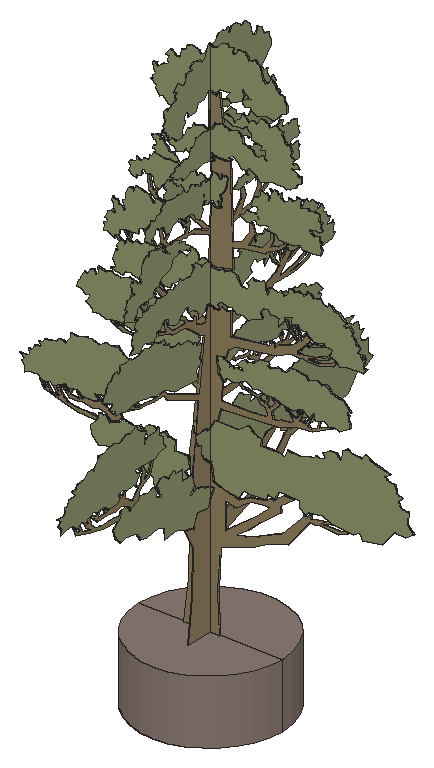
Revit family "L-PL상록교목_섬잣나무", category 수목, Revit 2019 (continued)
Definition of nested family "섬잣나무_base"
  Forms (mm)
    Extrusion 4, solid, detail levels fine
      sketch origin (-3.628, -16.167, 0) x (0, 1, 0) y (0, 0, 1)
        loop
          line (300.429, 2158.583) -> (275.037, 2144.079) -> (232.958, 2102.74) -> (274.312, 2091.137) -> (287.37, 2066.479) -> (255.449, 2069.38) -> (228.605, 2073.006) -> (202.487, 2061.402) -> (204.664, 2077.357) -> (173.468, 2067.204) -> (169.84, 2087.511) -> (125.585, 2099.114) -> (113.251, 2117.97) -> (69.722, 2100.565) -> (79.879, 2059.227) -> (72.624, 2048.348) -> (90.761, 2008.46) -> (84.957, 1985.253) -> (132.201, 1936.846) -> (133.36, 1965.808) -> (213.322, 1958.857) -> (307.192, 2001.72) -> (341.958, 1987.818) -> (361.659, 1965.808) -> (409.173, 1979.709) -> (470.594, 1958.857) -> (554.033, 1958.857) -> (598.071, 1943.797) -> (632.837, 1931.054) -> (709.323, 1915.994) -> (767.267, 1951.906) -> (795.081, 1946.114) -> (846.071, 1909.043) -> (881.997, 1954.223) -> (899.38, 1909.043) -> (963.118, 1928.737) -> (986.296, 1917.152) -> (1003.679, 1902.092) -> (1056.988, 1911.36) -> (1101.025, 1896.3) -> (1186.782, 1947.272) -> (1184.465, 1976.234) -> (1171.717, 2010.987) -> (1178.67, 2042.266) -> (1148.539, 2061.96) -> (1193.736, 2073.544) -> (1133.474, 2144.21) -> (1095.231, 2147.686) -> (1026.857, 2163.904) -> (1009.474, 2192.866) -> (981.66, 2206.767) -> (944.576, 2194.024) -> (906.333, 2211.401) -> (836.8, 2190.549) -> (813.623, 2221.827) -> (766.109, 2221.827) -> (726.707, 2235.729) -> (695.919, 2228.261) -> (676.33, 2228.261) -> (677.781, 2209.405) -> (651.663, 2184.022) -> (613.843, 2186.867) -> (594.981, 2194.12) -> (571.039, 2197.746) -> (518.804, 2172.363) -> (494.862, 2181.066) -> (504.294, 2193.395) -> (488.333, 2209.35) -> (431.744, 2207.899) -> (399.097, 2183.966) -> (382.41, 2158.583) -> (363.547, 2163.66) -> (324.371, 2148.43) -> (300.429, 2158.583)
        loop
          line (-302.228, 2298.993) -> (-317.371, 2326.115) -> (-372.854, 2315.587) -> (-413.217, 2338.643) -> (-423.308, 2363.862) -> (-452.86, 2363.141) -> (-486.016, 2388.359) -> (-456.464, 2385.477) -> (-476.646, 2421.503) -> (-515.568, 2412.136) -> (-566.023, 2435.913) -> (-621.834, 2424.258) -> (-677.099, 2441.522) -> (-733.58, 2417.051) -> (-805.03, 2416.329) -> (-833.899, 2435.087) -> (-869.263, 2419.937) -> (-942.879, 2431.48) -> (-936.383, 2395.407) -> (-942.157, 2366.549) -> (-962.365, 2368.713) -> (-973.912, 2400.457) -> (-1008.555, 2385.307) -> (-1033.093, 2346.348) -> (-1056.91, 2352.12) -> (-1084.336, 2302.339) -> (-1085.057, 2279.253) -> (-1107.431, 2272.038) -> (-1121.143, 2222.258) -> (-1087.944, 2217.207) -> (-1050.415, 2186.185) -> (-1016.494, 2192.678) -> (-1020.824, 2162.377) -> (-1045.363, 2136.404) -> (-1022.989, 2123.418) -> (-987.625, 2097.445) -> (-984.017, 2070.752) -> (-931.331, 2072.916) -> (-876.48, 2054.88) -> (-814.413, 2075.08) -> (-755.953, 2078.688) -> (-701.103, 2067.144) -> (-656.213, 2052.181) -> (-600.686, 2052.812) -> (-554.624, 2035.781) -> (-469.441, 2037.673) -> (-367.852, 1979.013) -> (-264.371, 1975.859) -> (-125.554, 1961.983) -> (-141.957, 2037.86) -> (-74.442, 2088.32) -> (-95.264, 2100.304) -> (-108.515, 2117.966) -> (-87.061, 2169.688) -> (-89.585, 2224.563) -> (-133.123, 2222.04) -> (-144.481, 2251.686) -> (-189.912, 2251.686) -> (-189.912, 2272.501) -> (-213.89, 2298.993) -> (-253.642, 2298.993) -> (-302.228, 2298.993)
        loop
          line (52.176, 1610.503) -> (-0.542, 1516.396) -> (-34.433, 1548.393) -> (-137.988, 1542.746) -> (-122.926, 1465.579) -> (-75.855, 1454.286) -> (-83.387, 1380.883) -> (-45.73, 1331.947) -> (27.7, 1273.601) -> (42.762, 1153.144) -> (127.489, 1119.266) -> (244.224, 1094.798) -> (293.178, 1166.319) -> (328.951, 1155.026) -> (479.577, 1166.319) -> (494.639, 1205.844) -> (553.007, 1196.433) -> (588.781, 1260.426) -> (669.742, 1260.426) -> (758.234, 1252.897) -> (760.117, 1202.08) -> (812.836, 1168.201) -> (839.196, 1192.669) -> (954.048, 1209.608) -> (1033.126, 1179.494) -> (1083.962, 1173.848) -> (1168.689, 1160.673) -> (1221.408, 1158.79) -> (1268.479, 1194.551) -> (1292.956, 1141.851) -> (1462.409, 1166.319) -> (1565.965, 1299.951) -> (1654.457, 1288.658) -> (1727.887, 1335.711) -> (1671.403, 1392.175) -> (1678.934, 1491.929) -> (1661.989, 1484.4) -> (1613.035, 1501.339) -> (1594.207, 1538.982) -> (1631.863, 1576.625) -> (1579.144, 1595.446) -> (1579.144, 1616.15) -> (1567.847, 1661.321) -> (1511.363, 1661.321) -> (1477.472, 1691.435) -> (1530.191, 1719.667) -> (1422.87, 1747.899) -> (1379.565, 1757.31) -> (1319.315, 1800.599) -> (1289.19, 1761.074) -> (1196.932, 1761.074) -> (1165.757, 1786.38) -> (1123.213, 1761.572) -> (1123.213, 1729.675) -> (1107.85, 1688.328) -> (1071.215, 1723.768) -> (1019.216, 1723.768) -> (977.854, 1695.416) -> (953.97, 1687.769) -> (978.385, 1646.353) -> (930.296, 1629.343) -> (899.222, 1641.176) -> (888.125, 1624.906) -> (848.61, 1616.15) -> (756.352, 1591.682) -> (660.328, 1601.093) -> (633.968, 1533.336) -> (590.663, 1559.686) -> (519.116, 1559.686) -> (432.506, 1554.039) -> (440.038, 1601.093) -> (387.319, 1625.56) -> (325.186, 1666.967) -> (246.107, 1610.503) -> (163.263, 1610.503) -> (52.176, 1610.503)
        loop
          line (-666.883, 1812.178) -> (-717.172, 1833.221) -> (-756.883, 1864.619) -> (-770.969, 1891.676) -> (-827.106, 1862.449) -> (-871.548, 1875.308) -> (-935.871, 1841.405) -> (-997.855, 1863.618) -> (-1058.67, 1855.434) -> (-1112.467, 1839.067) -> (-1117.145, 1840.236) -> (-1172.113, 1844.912) -> (-1174.452, 1813.347) -> (-1215.385, 1758.4) -> (-1234.097, 1768.921) -> (-1269.182, 1768.921) -> (-1310.115, 1737.356) -> (-1340.523, 1730.342) -> (-1395.49, 1723.327) -> (-1400.168, 1696.438) -> (-1441.101, 1690.593) -> (-1406.015, 1649.674) -> (-1445.779, 1650.844) -> (-1480.864, 1648.505) -> (-1491.39, 1606.418) -> (-1524.136, 1612.264) -> (-1517.119, 1571.345) -> (-1541.679, 1550.302) -> (-1602.494, 1551.471) -> (-1558.052, 1522.244) -> (-1589.629, 1495.355) -> (-1560.391, 1459.113) -> (-1563.9, 1417.026) -> (-1520.628, 1436.9) -> (-1484.373, 1434.562) -> (-1450.457, 1438.069) -> (-1421.219, 1412.349) -> (-1387.303, 1400.659) -> (-1348.709, 1425.209) -> (-1322.98, 1402.997) -> (-1252.809, 1429.886) -> (-1223.571, 1449.76) -> (-1193.164, 1425.209) -> (-1113.637, 1439.238) -> (-1065.687, 1402.997) -> (-970.956, 1400.659) -> (-940.549, 1422.871) -> (-966.278, 1461.451) -> (-919.498, 1473.142) -> (-856.344, 1455.606) -> (-779.156, 1463.789) -> (-732.376, 1531.596) -> (-768.63, 1539.78) -> (-782.665, 1566.669) -> (-690.273, 1572.515) -> (-575.661, 1564.331) -> (-530.05, 1587.713) -> (-459.879, 1604.08) -> (-494.964, 1642.66) -> (-493.795, 1696.438) -> (-528.88, 1724.496) -> (-534.728, 1785.289) -> (-562.796, 1760.738) -> (-643.493, 1759.569) -> (-696.121, 1728.003) -> (-696.121, 1777.105) -> (-666.883, 1812.178)
        loop
          line (-644.119, 1327.333) -> (-666.95, 1338.744) -> (-729.735, 1353.959) -> (-752.566, 1323.529) -> (-843.89, 1285.491) -> (-878.136, 1331.136) -> (-939.019, 1325.431) -> (-942.824, 1272.178) -> (-1007.512, 1213.219) -> (-992.291, 1144.752) -> (-937.116, 1085.793) -> (-881.942, 1102.91) -> (-769.69, 1083.891) -> (-727.833, 1021.129) -> (-663.145, 1005.914) -> (-529.965, 1021.129) -> (-470.985, 998.306) -> (-465.277, 903.212) -> (-332.097, 920.329) -> (-252.189, 887.997) -> (-177.988, 870.88) -> (-149.45, 907.016) -> (-128.521, 964.073) -> (-16.269, 946.956) -> (37.003, 1097.205) -> (-1.049, 1095.303) -> (-61.931, 1125.733) -> (-130.424, 1144.752) -> (-183.696, 1112.42) -> (-206.527, 1133.34) -> (-166.573, 1178.986) -> (-185.599, 1266.472) -> (-292.143, 1264.57) -> (-286.435, 1350.903) -> (-352.172, 1350.903) -> (-372.051, 1382.487) -> (-423.421, 1350.155) -> (-478.595, 1384.389) -> (-512.842, 1384.389) -> (-554.698, 1344.45) -> (-522.355, 1300.706) -> (-516.647, 1241.748) -> (-560.406, 1272.178) -> (-552.796, 1302.608) -> (-587.042, 1352.057) -> (-644.119, 1327.333)
      from 0 to 5
    Extrusion 5, solid, detail levels fine
      sketch origin (-3.628, -16.167, 0) x (0, 1, 0) y (0, 0, 1)
        loop
          line (88.358, 4106.537) -> (63.165, 4078.784) -> (-1.101, 4094.716) -> (6.097, 3818.728) -> (25.428, 3824.289) -> (43.889, 3864.272) -> (114.654, 3889.389) -> (88.358, 4106.537)
        loop
          line (179.909, 3506.882) -> (176.764, 3620.581) -> (142.281, 3604.048) -> (35.537, 3604.048) -> (48.629, 3580.895) -> (19.425, 3557.238) -> (21.617, 3496.076) -> (78.82, 3488.81) -> (87.59, 3460.721) -> (103.568, 3460.721) -> (103.568, 3496.132) -> (124.996, 3487.836) -> (134.155, 3498.608) -> (160.243, 3491.84) -> (163.429, 3471.136) -> (147.099, 3445.854) -> (150.485, 3421.568) -> (130.963, 3366.927) -> (98.701, 3334.28) -> (109.215, 3302.114) -> (99.123, 3266.188) -> (109.966, 3245.77) -> (61.868, 3220.227) -> (17.244, 3234.379) -> (10.112, 3060.886) -> (-1.743, 3053.57) -> (-161.32, 3117.504) -> (-231.331, 3117.504) -> (-200.652, 3185.917) -> (-220.318, 3239.39) -> (-240.34, 3237.204) -> (-227.083, 3187.586) -> (-251.131, 3199.297) -> (-272.095, 3233.198) -> (-288.743, 3249.84) -> (-288.743, 3235.663) -> (-266.237, 3188.511) -> (-239.724, 3169.095) -> (-251.747, 3123.175) -> (-429.403, 3129.293) -> (-456.533, 3154.873) -> (-430.944, 3200.176) -> (-448.209, 3200.176) -> (-466.09, 3172.747) -> (-495.092, 3197.183) -> (-502.183, 3276.387) -> (-520.502, 3274.747) -> (-510.081, 3166.624) -> (-457.155, 3113.098) -> (-447.963, 3122.187) -> (-360.186, 3121.072) -> (-316.505, 3103.369) -> (-318.463, 3095.982) -> (-256.603, 3097.149) -> (-236.095, 3089.383) -> (-222.423, 3095.285) -> (-177.369, 3095.285) -> (-166.183, 3085.345) -> (-143.189, 3075.717) -> (-6.161, 3013.906) -> (7.479, 2996.823) -> (-0.118, 2812.023) -> (22.696, 2782.701) -> (58.082, 2782.701) -> (103.245, 2799.456) -> (128.853, 2792.94) -> (151.201, 2803.18) -> (199.375, 2803.18) -> (194.637, 2974.46) -> (294.145, 2997.311) -> (473.089, 3022.316) -> (500.989, 3050.686) -> (601.045, 3100.696) -> (665.627, 3159.36) -> (636.641, 3159.36) -> (596.715, 3126.662) -> (512.534, 3087.712) -> (540.434, 3137.241) -> (540.434, 3196.868) -> (517.345, 3196.868) -> (517.345, 3148.782) -> (451.789, 3061.215) -> (334.898, 3043.904) -> (386.157, 3143.027) -> (360.907, 3214.592) -> (337.784, 3206.434) -> (339.293, 3139.233) -> (269.332, 3043.531) -> (193.373, 3020.155) -> (179.909, 3506.882)
        loop
          line (-493.466, 2757.268) -> (-451.278, 2760.605) -> (-528.673, 2845.557) -> (-568.736, 2844.95) -> (-493.466, 2757.268)
        loop
          line (-776.442, 2727.525) -> (-792.316, 2717.393) -> (-757.854, 2692.234) -> (-747.563, 2706.113) -> (-776.442, 2727.525)
        loop
          line (-691.868, 2733.812) -> (-672.528, 2727.272) -> (-652.237, 2787.272) -> (-671.268, 2787.272) -> (-680.052, 2758.979) -> (-700.547, 2783.858) -> (-714.216, 2789.318) -> (-722.995, 2783.858) -> (-691.868, 2733.812)
        loop
          line (-446.383, 2471.522) -> (-512.462, 2491.41) -> (-525.252, 2509.167) -> (-537.981, 2504.732) -> (-528.406, 2477.246) -> (-432.173, 2451.635) -> (-390.251, 2420.383) -> (-248.856, 2411.149) -> (-114.566, 2304.608) -> (-67.118, 2280.574) -> (-46.093, 2245.765) -> (-96.046, 1845.706) -> (-442.569, 1994.461) -> (-474.377, 2030.233) -> (-510.189, 2030.233) -> (-487.393, 2016.277) -> (-570.629, 2016.277) -> (-673.913, 2029.031) -> (-711.582, 2029.031) -> (-765.655, 2070.33) -> (-785.647, 2069.291) -> (-738.483, 2028.228) -> (-789.83, 2047.238) -> (-813.032, 2067.39) -> (-834.331, 2060.546) -> (-801.241, 2035.452) -> (-736.201, 2011.118) -> (-678.008, 2011.118) -> (-572.27, 1997.811) -> (-475.662, 1997.811) -> (-439.151, 1953.226) -> (-107.812, 1802.302) -> (-111.443, 1788.91) -> (-130.457, 1577.252) -> (-132.483, 1554.699) -> (-33.197, 1559.93) -> (-4.389, 1534.622) -> (48.074, 1619.893) -> (72.001, 1622.17) -> (93.81, 1720.638) -> (598.904, 1749.264) -> (632.518, 1771.869) -> (748.974, 1803.815) -> (869.955, 1817.469) -> (1042.744, 1898.147) -> (1015.665, 1896.894) -> (930.891, 1867.742) -> (935.299, 1914.181) -> (922.413, 1909.436) -> (913.936, 1856.217) -> (862.733, 1837.913) -> (830.18, 1850.794) -> (867.819, 1927.401) -> (851.179, 1906.474) -> (815.222, 1861.255) -> (758.539, 1861.255) -> (786.684, 1915.877) -> (770.746, 1946.045) -> (761.613, 1941.221) -> (775.693, 1914.569) -> (761.591, 1896.217) -> (744.297, 1932.487) -> (738.447, 1929.603) -> (756.733, 1882.38) -> (747.368, 1868.55) -> (703.31, 1873.869) -> (685.644, 1896.635) -> (654.181, 1923.909) -> (647.718, 1925.772) -> (670.931, 1897.347) -> (647.549, 1909.57) -> (641.757, 1925.867) -> (635.663, 1928.215) -> (641.748, 1905.011) -> (677.235, 1889.531) -> (686.698, 1873.622) -> (707.13, 1837.933) -> (688.825, 1818.279) -> (603.921, 1811.026) -> (569.511, 1795.15) -> (535.982, 1795.15) -> (525.852, 1847.747) -> (604.287, 1928.915) -> (587.317, 1937.051) -> (572.794, 1927.718) -> (540.289, 1953.643) -> (523.345, 1953.643) -> (561.383, 1916.311) -> (539.811, 1894.331) -> (507.785, 1872.756) -> (480.467, 1890.385) -> (499.622, 1920.069) -> (491.186, 1952.606) -> (479.084, 1952.606) -> (485.308, 1922.533) -> (466.289, 1895.57) -> (435.859, 1902.484) -> (420.99, 1923.915) -> (455.224, 1958.828) -> (441.138, 1963.61) -> (410.27, 1934.977) -> (371.828, 1935.034) -> (316.909, 1950.973) -> (284.484, 1948.62) -> (259.837, 1972.565) -> (242.826, 1965.971) -> (278.236, 1934.739) -> (318.505, 1934.739) -> (367.107, 1917.388) -> (401.822, 1917.388) -> (426.026, 1878.937) -> (472.207, 1861.181) -> (495.298, 1820.344) -> (495.298, 1796.374) -> (363.859, 1780.394) -> (244.854, 1780.394) -> (99.766, 1779.306) -> (111.327, 1934.923) -> (69.613, 1978.435) -> (70.97, 2025.14) -> (57.465, 2079.497) -> (63.891, 2108.779) -> (123.243, 2130.806) -> (136.393, 2108.069) -> (159.455, 2188.66) -> (210.727, 2225.379) -> (570.267, 2283.904) -> (687.189, 2342.882) -> (750.037, 2335.856) -> (795.933, 2344.122) -> (826.53, 2334.203) -> (923.696, 2334.203) -> (1050.632, 2373.468) -> (1072.698, 2404.871) -> (1059.302, 2413.535) -> (1042.8, 2388.018) -> (924.135, 2351.921) -> (833.892, 2351.921) -> (826.415, 2357.592) -> (916.142, 2374.087) -> (1009.504, 2413.879) -> (1021.107, 2458.984) -> (996.354, 2428.313) -> (913.063, 2392.73) -> (742.562, 2362.16) -> (742.562, 2380.669) -> (804.282, 2443.394) -> (843.187, 2443.336) -> (970.705, 2496.64) -> (966.264, 2507.263) -> (887.35, 2474.276) -> (913.195, 2495.191) -> (899.247, 2495.191) -> (844.274, 2454.181) -> (816.787, 2458.692) -> (864.562, 2508.581) -> (840.19, 2519.665) -> (827.911, 2536.287) -> (778.281, 2475.167) -> (768.979, 2485.482) -> (822.607, 2539.345) -> (815.999, 2550.27) -> (807.866, 2536.296) -> (766.692, 2501.743) -> (756.017, 2555.351) -> (743.037, 2564.688) -> (752.459, 2496.407) -> (756.525, 2466.935) -> (734.413, 2474.811) -> (707.218, 2510.635) -> (687.901, 2529.436) -> (711.793, 2563.736) -> (696.071, 2559.206) -> (677.047, 2537.733) -> (659.553, 2589.664) -> (644.19, 2584.489) -> (665.591, 2520.958) -> (743.413, 2447.054) -> (697.368, 2413.992) -> (625.383, 2382.875) -> (587.77, 2374.447) -> (546.969, 2342.034) -> (546.969, 2367.246) -> (533.295, 2375.096) -> (513.176, 2340.047) -> (182.516, 2297.04) -> (182.516, 2485.123) -> (140.685, 2473.395) -> (99.288, 2488.108) -> (87.107, 2453.835) -> (38.572, 2453.835) -> (-17.651, 2473.545) -> (-31.975, 2358.834) -> (-93.25, 2368.533) -> (-140.855, 2392.682) -> (-140.855, 2450.924) -> (-159.329, 2460.158) -> (-159.329, 2426.775) -> (-223.987, 2450.924) -> (-256.672, 2499.223) -> (-297.172, 2514.849) -> (-304.663, 2495.434) -> (-267.52, 2481.104) -> (-249.566, 2447.373) -> (-290.777, 2447.373) -> (-371.778, 2447.373) -> (-452.778, 2507.036) -> (-461.304, 2556.755) -> (-474.774, 2554.445) -> (-465.369, 2499.602) -> (-446.383, 2471.522)
        loop
          line (-138.677, 1506.979) -> (-166.073, 1299.032) -> (-162.646, 1232.6) -> (-157.571, 1134.218) -> (-132.372, 1151.406) -> (-65.076, 1136.885) -> (0.979, 1101.244) -> (45.642, 1105.817) -> (-11.068, 939.035) -> (-125.639, 956.111) -> (-142.721, 909.298) -> (-151.47, 893.002) -> (-149.256, 802.345) -> (-177.805, 862.697) -> (-256.432, 879.54) -> (-164.81, 705.938) -> (-173.819, 344.074) -> (-215.785, 0) -> (84.215, 0) -> (69.545, 328.016) -> (90.257, 665.101) -> (389.776, 777.83) -> (499.429, 835.42) -> (667.88, 887.943) -> (847.702, 1116.142) -> (849.062, 1122.659) -> (886.092, 1114.931) -> (936.112, 1128.681) -> (1093.049, 1115.556) -> (1178.708, 1155.557) -> (1146.821, 1155.557) -> (1093.675, 1141.807) -> (951.743, 1149.307) -> (1033.025, 1169.932) -> (1003.013, 1181.808) -> (855.235, 1152.235) -> (862.768, 1188.328) -> (819.129, 1156.649) -> (793.154, 1156.649) -> (785.881, 1135.357) -> (617.04, 958.269) -> (355.536, 840.643) -> (230.334, 808.964) -> (334.292, 883.645) -> (429.973, 971.807) -> (603.864, 1110.702) -> (598.726, 1159.45) -> (715.4, 1246.924) -> (629.261, 1246.924) -> (569.558, 1204.749) -> (557.578, 1182.36) -> (507.575, 1182.36) -> (484.136, 1156.326) -> (347.148, 1134.978) -> (257.947, 1088.937) -> (123.677, 1112.171) -> (29.746, 1153.317) -> (19.719, 1268.843) -> (-54.772, 1331.844) -> (-92.239, 1383.541) -> (-85.379, 1447.37) -> (-130.234, 1460.03) -> (-138.677, 1506.979)
        loop
          line (133.653, 1035.568) -> (132.819, 811.253) -> (384.743, 997.209) -> (515.71, 1117.289) -> (462.322, 1117.289) -> (357.362, 1103.737) -> (273.677, 1056.386) -> (230.347, 1018.939) -> (133.653, 1035.568)
        loop
          line (-988.382, 1345.804) -> (-934.003, 1362.36) -> (-876.336, 1344.855) -> (-830.444, 1301.092) -> (-760.097, 1330.972) -> (-740.774, 1355.72) -> (-746.397, 1381.566) -> (-709.717, 1415.177) -> (-631.263, 1457.445) -> (-592.036, 1560.824) -> (-607.829, 1560.824) -> (-643.49, 1476.287) -> (-688.893, 1446.14) -> (-688.893, 1473.376) -> (-666.057, 1513.993) -> (-699.269, 1562.899) -> (-722.856, 1561.809) -> (-699.513, 1521.735) -> (-716.585, 1478.944) -> (-716.585, 1446.32) -> (-738.765, 1428.899) -> (-776.138, 1459.681) -> (-787.022, 1457.599) -> (-747.655, 1417.297) -> (-778.2, 1388.733) -> (-794.799, 1365.543) -> (-809.866, 1353.571) -> (-892.077, 1410.577) -> (-894.126, 1436.77) -> (-881.821, 1455.098) -> (-895.214, 1459.603) -> (-905.261, 1442.027) -> (-908.066, 1417.13) -> (-940.982, 1459.185) -> (-954.415, 1456.598) -> (-930.27, 1421.803) -> (-967.812, 1395.751) -> (-1066.225, 1398.13) -> (-1075.299, 1385.933) -> (-1113.999, 1431.003) -> (-1125.491, 1427.207) -> (-1093.036, 1380.242) -> (-1167.912, 1379.447) -> (-1173.48, 1385.973) -> (-1154.472, 1427.236) -> (-1169.601, 1424.9) -> (-1191.69, 1396.662) -> (-1237.965, 1432.86) -> (-1250.64, 1423.864) -> (-1179.489, 1354.2) -> (-1109.8, 1354.2) -> (-1071.288, 1359.244) -> (-988.382, 1345.804)
        loop
          line (-1131.243, 1301.587) -> (-1196.119, 1314.922) -> (-1247.782, 1357.452) -> (-1266.322, 1419.615) -> (-1280.299, 1414.26) -> (-1270.878, 1371.426) -> (-1303.742, 1402.755) -> (-1314.639, 1398.767) -> (-1300.963, 1361.401) -> (-1240.184, 1323.124) -> (-1338.343, 1345.908) -> (-1368.931, 1403.722) -> (-1381.496, 1395.729) -> (-1369.34, 1364.439) -> (-1395.475, 1364.439) -> (-1411.582, 1397.855) -> (-1434.678, 1412.437) -> (-1405.2, 1350.161) -> (-1248.086, 1304.289) -> (-1112.114, 1274.544) -> (-958.255, 1266.779) -> (-948.752, 1276.636) -> (-946.856, 1293.422) -> (-991.884, 1300.197) -> (-996.972, 1300.197) -> (-1045.959, 1301.587) -> (-1131.243, 1301.587)
      from 0 to 5
  Lines and regions (mm)
    symbolic lines
      curve 1: line (174.823, -27.543, 0) -> (528.608, -74.345, 0)
      curve 2: line (168.851, -56.34, 0) -> (510.959, -157.91, 0)
      curve 3: line (182.748, 59.436, 0) -> (519.219, 178.351, 0)
      curve 4: line (192.859, 9.364, 0) -> (548.643, 37.142, 0)
      curve 5: line (189.666, -41.618, 0) -> (540.517, -106.871, 0)
      curve 6: line (-175.377, -94.247, 0) -> (-489.104, -264.334, 0)
      curve 7: line (-187.472, -67.44, 0) -> (-523.944, -186.355, 0)
      curve 8: line (-197.583, -17.368, 0) -> (-553.368, -45.146, 0)
      curve 9: line (-194.391, 33.614, 0) -> (-545.241, 98.867, 0)
      curve 10: line (-178.112, 82.033, 0) -> (-500.119, 235.869, 0)
      curve 11: line (-116.503, -158.985, 0) -> (-318.818, -452.962, 0)
      curve 12: line (-139.45, -140.591, 0) -> (-385.262, -399.299, 0)
      curve 13: line (-130.953, -151.496, 0) -> (-362.889, -422.715, 0)
      curve 14: line (-159.237, -118.833, 0) -> (-442.494, -335.903, 0)
      curve 15: line (-164.746, -113.188, 0) -> (-458.975, -315.136, 0)
      curve 16: line (-149.856, 124.589, 0) -> (-421.075, 356.525, 0)
      curve 17: line (-111.548, 158.381, 0) -> (-313.497, 452.611, 0)
      curve 18: line (126.229, 143.492, 0) -> (358.164, 414.711, 0)
      curve 19: line (-15.729, 191.219, 0) -> (-43.506, 547.003, 0)
      curve 20: line (83.673, 171.748, 0) -> (237.509, 493.755, 0)
      curve 21: line (-65.8, 181.108, 0) -> (-184.715, 517.58, 0)
      curve 22: line (158.448, -83.849, 0) -> (480.455, -237.685, 0)
      curve 23: line (143.869, -109.391, 0) -> (437.847, -311.706, 0)
      curve 24: line (145.132, -132.593, 0) -> (416.351, -364.529, 0)
      curve 25: line (160.021, 105.184, 0) -> (454.251, 307.132, 0)
      curve 26: line (52.324, -180.36, 0) -> (171.239, -516.832, 0)
      curve 27: line (23.955, -188.113, 0) -> (88.77, -539.044, 0)
      curve 28: line (61.076, -189.112, 0) -> (179.99, -525.583, 0)
      curve 29: line (-5.278, -191.332, 0) -> (3.841, -548.082, 0)
      curve 30: line (-34.655, -189.939, 0) -> (-81.456, -543.723, 0)
      curve 31: line (-63.452, -183.967, 0) -> (-165.021, -526.074, 0)
      curve 32: line (11.004, -199.223, 0) -> (38.782, -555.007, 0)
      curve 33: line (-39.978, -196.031, 0) -> (-105.231, -546.881, 0)
      curve 34: line (-90.96, -173.563, 0) -> (-244.797, -495.57, 0)
      curve 35: line (-88.397, -179.752, 0) -> (-242.233, -501.759, 0)
      curve 36: line (103.717, -152.125, 0) -> (320.787, -435.382, 0)
      curve 37: line (79.132, -168.265, 0) -> (249.218, -481.992, 0)
      curve 38: line (106.824, -166.385, 0) -> (308.772, -460.615, 0)
      curve 39: line (125.475, -132.338, 0) -> (384.184, -378.151, 0)
      curve 40: line (574.006, -1275.335, 0) -> (405.402, -904.755, 0)
      curve 41: line (405.402, -904.755, 0) -> (574.006, -1275.335, 0)
      curve 42: line (482.356, -865.789, 0) -> (682.616, -1220.263, 0)
      curve 43: line (425.549, 887.357, 0) -> (601.053, 1254.718, 0)
      curve 44: line (-951.099, -282.437, 0) -> (-1341.537, -397.825, 0)
      curve 45: line (-960.238, -249.157, 0) -> (-1354.466, -350.849, 0)
      curve 46: line (-977.96, -164.74, 0) -> (-1379.55, -231.686, 0)
      curve 47: line (-954.485, 262.625, 0) -> (-1346.742, 371.672, 0)
      curve 48: line (-991.05, 7.113, 0) -> (-1398.165, 10.92, 0)
      curve 49: line (-986.32, 93.24, 0) -> (-1391.553, 132.515, 0)
      curve 50: line (-855.558, -503.687, 0) -> (-1206.484, -710.103, 0)
      curve 51: line (-818.623, -561.986, 0) -> (-1154.295, -792.378, 0)
      curve 52: line (-864.149, -488.72, 0) -> (-1218.623, -688.981, 0)
      curve 53: line (-999.895, -980.432, 0) -> (-709.33, -695.251, 0)
      curve 54: line (-709.33, -695.251, 0) -> (-999.895, -980.432, 0)
      curve 55: line (-788.302, -603.941, 0) -> (-1111.456, -851.585, 0)
      curve 56: line (-766.886, -631.004, 0) -> (-1081.2, -889.776, 0)
      curve 57: line (-619.818, -776.256, 0) -> (-873.462, -1094.723, 0)
      curve 58: line (-302.056, -946.24, 0) -> (-424.725, -1334.452, 0)
      curve 59: line (-414.652, -902.693, 0) -> (-583.718, -1273.062, 0)
      curve 60: line (-268.99, -956.125, 0) -> (-378.036, -1348.382, 0)
      curve 61: line (-350.958, -929.264, 0) -> (-493.777, -1310.524, 0)
      curve 62: line (-430.273, -895.361, 0) -> (-605.777, -1262.722, 0)
      curve 63: line (-521.102, -845.749, 0) -> (-734.044, -1192.753, 0)
      curve 64: line (-506.332, -854.674, 0) -> (-713.186, -1205.341, 0)
      curve 65: line (-578.555, -807.513, 0) -> (-815.185, -1138.818, 0)
      curve 66: line (-646.393, -754.237, 0) -> (-910.997, -1063.657, 0)
      curve 67: line (292.588, -947.735, 0) -> (414.773, -1336.1, 0)
      curve 68: line (325.345, -936.867, 0) -> (461.009, -1320.731, 0)
      curve 69: line (175.378, -976.646, 0) -> (249.322, -1377.007, 0)
      curve 70: line (55.517, -991.057, 0) -> (80.119, -1397.445, 0)
      curve 71: line (-65.206, -990.754, 0) -> (-90.314, -1397.111, 0)
      curve 72: line (-259.436, -1376.008, 0) -> (-184.992, -975.74, 0)
      curve 73: line (-184.992, -975.74, 0) -> (-259.436, -1376.008, 0)
      curve 74: line (242.793, -961.878, 0) -> (344.485, -1356.106, 0)
      curve 75: line (158.376, -979.6, 0) -> (225.321, -1381.19, 0)
      curve 76: line (72.735, -989.897, 0) -> (104.425, -1395.793, 0)
      curve 77: line (-13.477, -992.69, 0) -> (-17.284, -1399.804, 0)
      curve 78: line (-99.605, -987.959, 0) -> (-138.879, -1393.192, 0)
      curve 79: line (8.753, 984.686, 0) -> (12.559, 1391.8, 0)
      curve 80: line (94.88, 979.955, 0) -> (134.155, 1385.188, 0)
      curve 81: line (-927.624, 344.594, 0) -> (-1308.884, 487.412, 0)
      curve 82: line (-910.095, -395.984, 0) -> (-1283.56, -558.094, 0)
      curve 83: line (-903.115, -411.766, 0) -> (-1273.695, -580.37, 0)
      curve 84: line (-935.227, -331.709, 0) -> (-1319.091, -467.373, 0)
      curve 85: line (-853.034, 499.968, 0) -> (-1203.702, 706.822, 0)
      curve 86: line (-752.597, 640.029, 0) -> (-1062.017, 904.633, 0)
      curve 87: line (-629.364, 760.522, 0) -> (-888.136, 1074.836, 0)
      curve 88: line (-560.346, 812.259, 0) -> (-790.738, 1147.931, 0)
      curve 89: line (-487.081, 857.785, 0) -> (-687.341, 1212.259, 0)
      curve 90: line (-330.069, 928.863, 0) -> (-465.733, 1312.727, 0)
      curve 91: line (-3.7, -5.435, 0) -> (63.647, -124.644, 0)
      curve 92: line (-4.258, -3.734, 0) -> (6.477, -141.238, 0)
      curve 93: line (-4.258, -3.734, 0) -> (-52.35, -132.116, 0)
      curve 94: line (-3.376, -2.377, 0) -> (-101.809, -98.987, 0)
      curve 95: line (-1.211, -5.532, 0) -> (88.428, 99.289, 0)
      curve 96: line (-1.211, -5.532, 0) -> (123.574, 51.242, 0)
      curve 97: line (8.212, -5.971, 0) -> (135.122, -7.157, 0)
      curve 98: line (-3.7, -5.435, 0) -> (120.907, -64.965, 0)
      curve 99: line (-3.376, -2.377, 0) -> (-132.634, -48.059, 0)
      curve 100: line (-1.769, -2.181, 0) -> (-139.048, 11.124, 0)
      curve 101: line (-1.769, -2.181, 0) -> (-119.849, 67.473, 0)
      curve 102: line (-0.586, -3.286, 0) -> (-78.635, 110.428, 0)
      curve 103: line (-0.586, -3.286, 0) -> (-23.129, 131.941, 0)
      curve 104: line (2.276, 5.702, 0) -> (36.269, 127.981, 0)
      curve 105: line (346.234, 921.26, 0) -> (489.052, 1302.52, 0)
      curve 106: line (-163.1, 971.596, 0) -> (-230.046, 1373.186, 0)
      curve 107: line (264.265, 948.121, 0) -> (373.311, 1340.378, 0)
      curve 108: line (813.899, 553.982, 0) -> (1149.571, 784.374, 0)
      curve 109: line (859.424, 480.716, 0) -> (1213.899, 680.977, 0)
      curve 110: line (930.502, 323.705, 0) -> (1314.367, 459.369, 0)
      curve 111: line (780.55, -607.886, 0) -> (1103.395, -855.934, 0)
      curve 112: line (801.149, -580.195, 0) -> (1132.453, -816.824, 0)
      curve 113: line (747.872, -648.033, 0) -> (1057.293, -912.637, 0)
      curve 114: line (922.899, -352.598, 0) -> (1304.159, -495.416, 0)
      curve 115: line (1198.977, -714.826, 0) -> (848.31, -507.972, 0)
      curve 116: line (848.31, -507.972, 0) -> (1198.977, -714.826, 0)
      curve 117: line (903.387, -400.544, 0) -> (1276.65, -563.121, 0)
      curve 118: line (888.996, -431.913, 0) -> (1256.358, -607.417, 0)
      curve 119: line (973.236, 156.736, 0) -> (1374.826, 223.682, 0)
      curve 120: line (986.326, -15.117, 0) -> (1393.44, -18.924, 0)
      curve 121: line (981.595, -101.244, 0) -> (1386.828, -140.519, 0)
      curve 122: line (969.376, -186.632, 0) -> (1369.644, -261.076, 0)
      curve 123: line (949.761, -270.629, 0) -> (1342.017, -379.675, 0)
      curve 124: line (955.514, 241.153, 0) -> (1349.741, 342.845, 0)
      curve 125: line (611.202, -779.352, 0) -> (864.448, -1098.135, 0)
      curve 126: line (624.64, -768.526, 0) -> (883.412, -1082.84, 0)
      curve 127: line (512.137, -848.347, 0) -> (724.646, -1195.617, 0)
      curve 128: line (555.621, -820.263, 0) -> (786.014, -1155.935, 0)
      curve 129: line (701.12, -698.798, 0) -> (991.329, -984.342, 0)
      curve 130: line (688.887, -710.97, 0) -> (974.068, -1001.535, 0)
      curve 131: line (573.831, 799.509, 0) -> (810.46, 1130.814, 0)
      curve 132: line (641.669, 746.233, 0) -> (906.273, 1055.653, 0)
      curve 133: line (704.605, 687.247, 0) -> (995.17, 972.428, 0)
  Dimensions and locks
    aligned and locked: level to plane 2
